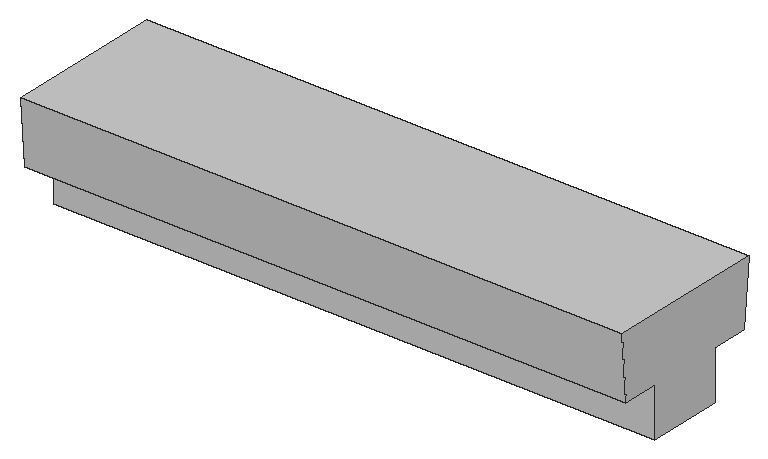
Revit family "M_Caibro pan com bordas", category Quadro estrutural, Revit 2019
Family settings
  Exibir em vistas ocultas = Arestas ocultadas pela própria viga
  Arredondamento do comprimento do framing estrutural = 0 mm
  Forma do corte = Não definido
  Material para o comportamento do modelo = Concreto
  Exportar sempre como geometria = Não
  Número OmniClass = 23.25.30.11.14.14
  Título OmniClass = Beams
  ID de item do Seek = Pan Joist With Ledges-0000-CAN-ENU
  Sempre na vertical = Sim
  Corte com vazios quando carregada = Não
  Representação simbólica = Da família
  Compartilhado = Não
  Exibir o pré-corte da família na vista da planta = Sim
Parameters (values of type "150 x 350")
  Direita obtusa do cone = if(Direita do cone, 1, 0) * (Profundidade adjacente da viga - Espessura da laje) / 12  # 10.833 mm
  Direita do cone = yes
  Esquerda obtusa do cone = if(Esquerda do cone, 1, 0) * (Profundidade adjacente da viga - Espessura da laje) / 12  # 10.833 mm
  Esquerda do cone = yes
  Structural Material [instance] = Concreto - Moldado in loco
  Espessura da laje = 120 mm
  Preenchimento do pan à direita = 75 mm
  Preenchimento do pan à esquerda = 75 mm
  Código de montagem = "B10"
  Length [instance] = 1500 mm
  b = 150 mm
  h = 350 mm
  Profundidade adjacente da viga = 250 mm
Types (17, lengths in mm): name | Direita obtusa do cone | Direita do cone | Esquerda obtusa do cone | Esquerda do cone | Preenchimento do pan à direita | Preenchimento do pan à esquerda | h | Profundidade adjacente da viga
  (no name) | 10.833 | yes | 10.833 | yes | 75 | 75 | 350 | 250
  150 x 350 | 10.833 | yes | 10.833 | yes | 75 | 75 | 350 | 250
  150 x 400 | 15 | yes | 15 | yes | 75 | 75 | 400 | 300
  150 x 500 | 19.167 | yes | 19.167 | yes | 75 | 75 | 500 | 350
  150 x 600 | 23.333 | yes | 23.333 | yes | 75 | 75 | 600 | 400
  150 x 350 Viga de aresta 1 | 0 | no | 0 | no | 75 | 0 | 350 | 250
  150 x 350 Viga de aresta 2 | 0 | no | 0 | no | 0 | 75 | 350 | 250
  150 x 400 Viga de aresta 1 | 0 | no | 0 | no | 75 | 0 | 400 | 300
  150 x 400 Viga de aresta 2 | 0 | no | 0 | no | 0 | 75 | 400 | 300
  150 x 500 Viga de aresta 1 | 0 | no | 0 | no | 75 | 0 | 500 | 350
  150 x 500 Viga de aresta 2 | 0 | no | 0 | no | 0 | 75 | 500 | 350
  150 x 600 Viga de aresta 1 | 0 | no | 0 | no | 75 | 0 | 600 | 400
  150 x 600 Viga de aresta 2 | 0 | no | 0 | no | 0 | 75 | 600 | 400
  150 x 350 Forma de T | 0 | no | 0 | no | 75 | 75 | 350 | 250
  150 x 400 Forma em T | 0 | no | 0 | no | 75 | 75 | 400 | 300
  150 x 500 Forma de T | 0 | no | 0 | no | 75 | 75 | 500 | 350
  150 x 600 Forma de T | 0 | no | 0 | no | 75 | 75 | 600 | 400
Reference planes
  plane 1 "Centro (Frente/Trás)": y = 0
  plane 2: z = 0
  plane 3 "Centro (Esquerda/Direita)": x = 4.61
  plane 4 "Membro esquerdo": x = -604.99
  plane 5 "Membro direito": x = 614.21
  plane 6: y = 75
  plane 7: y = -75
  plane 8 "Topo da laje": z = 175
  plane 9 "Inferior": z = -175
  plane 10 "Esquerda": x = -757.39
  plane 11 "Direita": x = 742.61
  plane 12: y = -160.833
  plane 13: y = 160.833
  plane 14 "Topo do caibro": z = 55
  plane 15: y = 150
  plane 16: y = -150
  plane 17: z = -75
Forms (mm)
  Sweep 1, solid, material "Concreto - Moldado in loco" <- "Structural Material"
    path origin (0, 0, 0) x (1, 0, 0) y (0, 1, 0)
      loop
        line (614.21, 0) -> (-604.99, 0)
    profile origin (4.61, 0, 0) x (0, -1, 0) y (0, 0, 1)
      loop
        line (-160.833, 55) -> (-150, -75) -> (150, -75) -> (160.833, 55) -> (-160.833, 55)
  Sweep 2, solid, material "Concreto - Moldado in loco" <- "Structural Material"
    path origin (0, 0, -139.7) x (1, 0, 0) y (0, 1, 0)
      loop
        line (614.21, 0) -> (-604.99, 0)
    profile origin (4.61, 0, -139.7) x (0, -1, 0) y (0, 0, 1)
      loop
        line (-75, 64.7) -> (-75, -35.3) -> (75, -35.3) -> (75, 64.7) -> (-75, 64.7)
Cuts and joins
  joined: Sweep 1, Sweep 2
Dimensions and locks
  "b": plane 6 to plane 7
  equal spacing: plane 9 "Inferior", plane 2, plane 8 "Topo da laje"
  equal spacing: plane 6, plane 1 "Centro (Frente/Trás)", plane 7
  "h": plane 9 "Inferior" to plane 8 "Topo da laje"
  "Length": plane 10 "Esquerda" to plane 11 "Direita"
  "Espessura da laje": plane 8 "Topo da laje" to plane 14 "Topo do caibro"
  "Preenchimento do pan à esquerda": plane 15 to plane 6
  "Preenchimento do pan à direita": plane 7 to plane 16
  "Profundidade adjacente da viga": plane 8 "Topo da laje" to plane 17
  "Direita obtusa do cone": plane 16 to plane 12
  "Esquerda obtusa do cone": plane 13 to plane 15
  level to plane 2 = 0 mm
  aligned and locked: Sweep 1 sketch curve to plane 1 "Centro (Frente/Trás)"
  aligned and locked: plane 4 "Membro esquerdo" to Sweep 1 sketch curve
  aligned and locked: plane 5 "Membro direito" to Sweep 1 sketch curve
  aligned and locked: plane 6 to Sweep 2 sketch curve
  aligned and locked: Sweep 2 sketch curve to plane 17
  aligned and locked: plane 9 "Inferior" to Sweep 2 sketch curve
  aligned and locked: plane 7 to Sweep 2 sketch curve
  aligned and locked: plane 13 to Sweep 1 sketch curve
  aligned and locked: plane 12 to Sweep 1 sketch curve
  aligned and locked: plane 15 to Sweep 1 sketch curve
  aligned and locked: plane 16 to Sweep 1 sketch curve
  aligned and locked: Sweep 1 sketch curve to plane 17
  aligned and locked: Sweep 1 sketch curve to plane 14 "Topo do caibro"
  aligned and locked: plane 9 "Inferior" to cut or joined group of Sweep 1, Sweep 2
  aligned and locked: cut or joined group of Sweep 1, Sweep 2 to plane 17
  aligned and locked: plane 14 "Topo do caibro" to cut or joined group of Sweep 1, Sweep 2
Automatic sketch dimensions
  Sweep 2 sketch curve to plane 1 "Centro (Frente/Trás)" = 0 mm
  Sweep 2 sketch curve to plane 4 "Membro esquerdo" = 0 mm
  Sweep 2 sketch curve to plane 5 "Membro direito" = 0 mm
